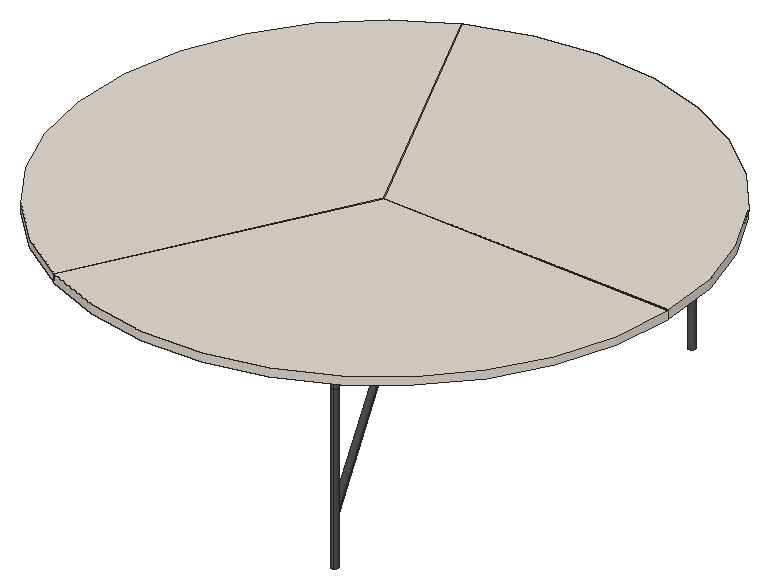
Revit family "Circular_Tables_BIM", category Arredi, Revit 2023
Family settings
  Numero OmniClass = 23.40.20.00
  Titolo OmniClass = General Furniture and Specialties
  Basato su piano di lavoro = No
  Attiva taglio nelle viste = No
  Sempre verticale = Sì
  Taglio con vuoti quando caricato = No
  Origine composizione di rendering = Geometria famiglia
  Condiviso = No
  Punto di calcolo locali = No
Parameters (values of type "CB-38")
  r = 1100 mm
  URL = "https://bassamfellows.com/"
  TECHNICAL SHEET = "https://bassamfellows.com/collections/circular-coffee-table"
  STRUCTURE MATERIAL = BASSAM_FELLOWS_MATT_BLACK_BP
  PRODUCT SHEET = "https://www.archiproducts.com/en/products/bassamfellows/round-stainless-steel-and-wood-table-circular-dining-table_447739"
  PRODUCT CODE = "CB-38"
  Modello = "Circular Dining Table"  # constant formula
  Produttore = "BassamFellows"
  MATERIAL DESCRIPTION = "Solid wood top. Solid stainless steel base."  # constant formula
  HEIGHT = 720 mm  # constant formula
  Descrizione = "Round stainless steel and wood table"  # constant formula
  Prospetto di default = 0 mm
  DIAMETER = r * 2  # 2200 mm
  COLLECTION = "CIRCULAR"  # constant formula
  CB 38 LEG VISIBILTY = not(CB 35 LEG VISIBILITY)  # yes
  CB 35 LEG VISIBILITY = no
  BIM USER MANUAL = "https://bimcad.edilportale.com/BASSAMFELLOWS-BIM-USER-MANUAL-BassamFellows-bim.pdf"
  BIM BADGE = "https://bim.archiproducts.com/it/badge/bim-archiproducts-featured_658700/about"
  BIM AUTHOR = "https://bim.archiproducts.com/"
  BASE MATERIAL = BASSAM_FELLOWS_WHITE_ASH_A-BL
  AVAILABLE FINISHES = "Ebonized black lacquer on Ash (EB) or bleached, white pigment, matte acrylic on Ash (BL). Raw effect lacquer on Oak (RE). Hand rubbed natural oil on Oak or Walnut (NA), or hand rubbed black oil on Walnut (BO). Black powder coat finish (BP), or satin nickel (SN), satin brass (SB), bronze (BZ) or gunmetal (GM) nanoceramic coated solid stainless steel."  # constant formula
  ACCESSORIES = ""
Types (2, lengths in mm): name | r | PRODUCT CODE | DIAMETER | CB 38 LEG VISIBILTY | CB 35 LEG VISIBILITY
  CB-35 | 675 | "CB-35" | 1350 | no | yes
  CB-38 | 1100 | "CB-38" | 2200 | yes | no
Reference planes
  plane 1 "Center (Front/Back)": y = 0
  plane 2: z = 0
  plane 3 "Center (Left/Right)": x = 0
  plane 4: z = 0
Forms (mm)
  Extrusion 1, solid, material "BASSAM_FELLOWS_WHITE_ASH_A-BL" <- "BASE MATERIAL", visible <- "CB 38 LEG VISIBILTY", detail levels fine
    sketch origin (0.625, 0.799, 370) x (1, 0, 0) y (0, 1, 0)
      loop
        arc (-490.109, 984.781) -> (-1099.999, 1.199) -> (-492.254, -983.71) r 1100
        line (-492.254, -983.71) -> (-3.411, -0.641) -> (-490.109, 984.781)
      loop
        line (0.699, -3.018) -> (-488.342, -985.658)
        arc (-488.342, -985.658) -> (578.046, -935.875) -> (1099.99, -4.62) r 1100
        line (1099.99, -4.62) -> (0.699, -3.018)
      loop
        line (0.615, 1.897) -> (1100, 0.295)
        arc (1100, 0.295) -> (580.915, 934.097) -> (-486.167, 986.733) r 1100
        line (-486.167, 986.733) -> (0.615, 1.897)
    from 320 to 350
  Extrusion 2, solid, material "BASSAM_FELLOWS_WHITE_ASH_A-BL" <- "BASE MATERIAL", visible <- "CB 35 LEG VISIBILITY", detail levels fine
    sketch origin (0.625, 0.799, 370) x (1, 0, 0) y (0, 1, 0)
      loop
        line (-3.411, -0.641) -> (-301.76, 603.43)
        arc (-301.76, 603.43) -> (-675.903, 0.173) -> (-303.526, -604.175) r 675
        line (-303.526, -604.175) -> (-3.411, -0.641)
      loop
        line (0.699, -3.018) -> (-299.485, -606.185)
        arc (-299.485, -606.185) -> (354.171, -574.875) -> (674.089, -3.999) r 675
        line (674.089, -3.999) -> (0.699, -3.018)
      loop
        line (0.615, 1.897) -> (674.094, 0.916)
        arc (674.094, 0.916) -> (355.635, 572.34) -> (-297.7, 605.435) r 675
        line (-297.7, 605.435) -> (0.615, 1.897)
    from 320 to 350
  Extrusion 3, solid, visible <- "CB 38 LEG VISIBILTY", detail levels medium
    sketch origin (0, 0, 0) x (1, 0, 0) y (0, 1, 0)
      loop
        circle (0, 0.117) r 1100
    from 692.15 to 720
  Extrusion 4, solid, visible <- "CB 35 LEG VISIBILITY", detail levels medium
    sketch origin (0, 0, 0) x (1, 0, 0) y (0, 1, 0)
      loop
        circle (0, 0.117) r 675
    from 690 to 720
Lines and regions (mm)
  symbolic lines, detail levels coarse
    curve 1: line (1050.624, 0, 690) -> (-1049.375, 0, 690)
    curve 2: line (1050.624, 0, 720) -> (1050.624, 0, 690)
    curve 3: line (-1049.375, 0, 720) -> (1050.624, 0, 720)
    curve 4: line (-1049.375, 0, 690) -> (-1049.375, 0, 720)
    curve 5: line (0, -1049.201, 720) -> (0, 1050.799, 720)
    curve 6: line (0, -1049.201, 692.15) -> (0, -1049.201, 720)
    curve 7: line (0, 1050.799, 692.15) -> (0, -1049.201, 692.15)
    curve 8: line (0, 1050.799, 720) -> (0, 1050.799, 692.15)
  symbolic lines, visible <- "CB 35 LEG VISIBILITY", detail levels coarse
    curve 9: circle (0, 0.117, 0) r 675 normal (0, 0, 1)
  symbolic lines, visible <- "CB 38 LEG VISIBILTY", detail levels coarse
    curve 10: circle (0, 0.117, 0) r 1100 normal (0, 0, 1)
Dimensions and locks
  aligned and locked: level to plane 2
Nested families
  nested 1: "CB-35 LEG" at (0, 0, -2.15), visible <- "CB 35 LEG VISIBILITY", type "CB-35 LEG"
  nested 2: "CB-38 LEG" at (0, 0, 0), visible <- "CB 38 LEG VISIBILTY", type "CB-38 LEG"
Definition of nested family "CB-35 LEG"
  Parameters (values of type "CB-35 LEG")
    structure = none
    Default Elevation = 0 mm
  Reference planes
    plane 1 "Centro (Fronte/Retro)": y = 0
    plane 2: z = 0
    plane 3 "Centro (Sinistra/Destra)": x = 0
  Forms (mm)
    Sweep 1, solid, material <- "structure", detail levels fine
      path origin (0, 0, 0) x (1, 0, 0) y (0, 0, 1)
        loop
          line (-621.83, 0) -> (-621.83, 621.706)
          arc (-621.83, 621.706) -> (-612.344, 644.607) -> (-589.442, 654.093) r 32.387
          line (-589.442, 654.093) -> (0, 654.093)
      profile origin (-621.83, 0, 310.853) x (-1, 0, 0) y (0, -1, 0)
        loop
          circle (0, -0.469) r 12.5
    Sweep 2, solid, material <- "structure", detail levels fine
      path origin (-0.406, 0.703, 0) x (-0.5, -0.866025, 0) y (0, 0, 1)
        loop
          line (-621.83, 0) -> (-621.83, 621.706)
          arc (-621.83, 621.706) -> (-612.344, 644.607) -> (-589.442, 654.093) r 32.387
          line (-589.442, 654.093) -> (0.558, 654.093)
      profile origin (310.509, 539.223, 310.853) x (0.5, 0.866025, 0) y (-0.866025, 0.5, 0)
        loop
          circle (0, -0.469) r 12.5
    Sweep 3, solid, material <- "structure", detail levels fine
      path origin (0.812, 0, 0) x (-0.5, 0.866025, 0) y (0, 0, 1)
        loop
          line (-621.83, 0) -> (-621.83, 621.706)
          arc (-621.83, 621.706) -> (-612.344, 644.607) -> (-589.442, 654.093) r 32.387
          line (-589.442, 654.093) -> (1.25, 654.093)
      profile origin (311.727, -538.52, 310.853) x (0.5, -0.866025, 0) y (0.866025, 0.5, 0)
        loop
          circle (0, -0.469) r 12.5
    Extrusion 4, solid, material <- "structure", detail levels fine
      sketch origin (0, 0.469, 0) x (0, 1, 0) y (0, 0, 1)
        loop
          circle (0, 184.842) r 11.5
      from -622.167 to 0.721
    Extrusion 5, solid, material <- "structure", detail levels fine
      sketch origin (-0.532, -0.234, 0) x (0.866025, -0.5, 0) y (0, 0, 1)
        loop
          circle (0, 184.842) r 11.5
      from -622.167 to 0.006
    Extrusion 6, solid, material <- "structure", detail levels fine
      sketch origin (0.063, 0.578, 0) x (-0.866025, -0.5, 0) y (0, 0, 1)
        loop
          circle (0, 184.842) r 11.5
      from -622.167 to -0.875
    Extrusion 7, solid, material <- "structure", detail levels fine
      sketch origin (0, 0, 0) x (1, 0, 0) y (0, 1, 0)
        loop
          circle (-525.155, 0.469) r 11.5
        loop
          circle (263.148, 455.789) r 11.5
        loop
          circle (263.199, -454.445) r 11.5
      from 653.786 to 692.15
    Extrusion 8, solid, detail levels medium
      sketch origin (0, 0, 0) x (1, 0, 0) y (0, 1, 0)
        loop
          arc (-634.33, 0.469) -> (-630.669, -8.37) -> (-621.83, -12.031) r 12.5
          line (-621.83, -12.031) -> (-7.217, -12.031) -> (300.495, -545.005)
          arc (300.495, -545.005) -> (308.086, -550.829) -> (317.571, -549.58) r 12.5
          arc (317.571, -549.58) -> (323.395, -541.99) -> (322.146, -532.505) r 12.5
          line (322.146, -532.505) -> (14.434, 0.469) -> (321.74, 532.739)
          arc (321.74, 532.739) -> (322.989, 542.224) -> (317.165, 549.814) r 12.5
          arc (317.165, 549.814) -> (307.68, 551.063) -> (300.09, 545.239) r 12.5
          line (300.09, 545.239) -> (-7.217, 12.969) -> (-621.83, 12.969)
          arc (-621.83, 12.969) -> (-630.669, 9.308) -> (-634.33, 0.469) r 12.5
      from 0 to 692.15
  Lines and regions (mm)
    symbolic lines, detail levels coarse
      curve 1: line (-634.33, 0, 0) -> (-609.33, 0, 0)
      curve 2: line (-609.33, 0, 0) -> (-609.33, 0, 173.342)
      curve 3: line (-609.33, 0, 196.342) -> (-609.33, 0, 621.499)
      curve 4: line (-634.33, 0, 0) -> (-634.33, 0, 616.499)
      curve 5: line (323.821, 0, 0) -> (298.821, 0, 0)
      curve 6: line (298.821, 0, 0) -> (298.821, 0, 173.342)
      curve 7: line (298.821, 0, 196.342) -> (298.821, 0, 624.48)
      curve 8: line (323.821, 0, 0) -> (323.821, 0, 626.5)
      curve 9: line (251.699, 0, 692.15) -> (274.699, 0, 692.15)
      curve 10: line (274.699, 0, 692.15) -> (274.699, 0, 666.5)
      curve 11: line (251.699, 0, 692.15) -> (251.699, 0, 666.499)
      curve 12: line (-513.655, 0, 692.15) -> (-513.655, 0, 666.499)
      curve 13: line (-536.655, 0, 692.15) -> (-536.655, 0, 666.499)
      curve 14: line (-536.655, 0, 666.499) -> (-584.33, 0, 666.499)
      curve 16: line (274.699, 0, 666.5) -> (283.821, 0, 666.5)
      curve 17: line (-609.33, 0, 196.342) -> (298.821, 0, 196.342)
      curve 18: line (-609.33, 0, 173.342) -> (298.821, 0, 173.342)
      curve 19: line (-589.33, 0, 641.499) -> (281.803, 0, 641.499)
      curve 20: arc (-609.33, 0, 621.499) -> (-603.472, 0, 635.641) -> (-589.33, 0, 641.499) r 20
      curve 21: arc (-634.33, 0, 616.499) -> (-619.685, 0, 651.854) -> (-584.33, 0, 666.499) r 50
      curve 22: arc (281.803, 0, 641.499) -> (293.836, 0, 636.514) -> (298.821, 0, 624.48) r 17.018
      curve 23: arc (283.821, 0, 666.5) -> (312.105, 0, 654.784) -> (323.821, 0, 626.5) r 40
      curve 24: line (-536.655, 0, 692.15) -> (-513.655, 0, 692.15)
      curve 25: line (0, -551.255, 0) -> (0, -526.255, 0)
      curve 26: line (0, -526.255, 0) -> (0, -526.255, 173.436)
      curve 27: line (0, -551.255, 0) -> (0, -551.255, 622.781)
      curve 28: line (0, -526.255, 196.266) -> (0, -526.255, 621.564)
      curve 29: line (0, -465.945, 692.15) -> (0, -442.945, 692.15)
      curve 30: line (0, -11.031, 692.15) -> (0, 11.969, 692.15)
      curve 31: line (0, 444.289, 692.15) -> (0, 467.289, 692.15)
      curve 32: line (0, 467.289, 692.15) -> (0, 467.289, 666.61)
      curve 33: line (0, 444.289, 692.15) -> (0, 444.289, 666.61)
      curve 34: line (0, -12.031, 0) -> (0, 12.969, 0)
      curve 35: line (0, -12.031, 0) -> (0, -12.031, 173.436)
      curve 36: line (0, 12.969, 0) -> (0, 12.969, 173.436)
      curve 37: line (0, 12.969, 173.436) -> (0, 526.255, 173.436)
      curve 38: line (0, 12.969, 173.436) -> (0, -526.255, 173.436)
      curve 39: line (0, 12.969, 196.266) -> (0, 12.969, 641.564)
      curve 40: line (0, -12.031, 196.266) -> (0, -12.031, 641.564)
      curve 41: line (0, -12.031, 641.564) -> (0, -506.255, 641.564)
      curve 42: line (0, 12.969, 641.564) -> (0, 506.255, 641.564)
      curve 43: line (0, 507.425, 666.61) -> (0, 467.289, 666.61)
      curve 44: line (0, 11.969, 692.15) -> (0, 11.969, 666.61)
      curve 45: line (0, -11.031, 692.15) -> (0, -11.031, 666.61)
      curve 46: line (0, 526.255, 196.266) -> (0, -526.255, 196.266)
      curve 47: arc (0, -526.255, 621.564) -> (0, -520.397, 635.706) -> (0, -506.255, 641.564) r 20
      curve 48: line (0, -11.031, 666.61) -> (0, -442.945, 666.61)
      curve 49: line (0, -465.945, 666.61) -> (0, -507.425, 666.61)
      curve 50: arc (0, -551.255, 622.781) -> (0, -538.417, 653.773) -> (0, -507.425, 666.61) r 43.829
      curve 51: line (0, 551.255, 0) -> (0, 526.255, 0)
      curve 52: line (0, 526.255, 0) -> (0, 526.255, 173.436)
      curve 53: line (0, 551.255, 0) -> (0, 551.255, 622.781)
      curve 54: line (0, 526.255, 196.266) -> (0, 526.255, 621.564)
      curve 55: arc (0, 526.255, 621.564) -> (0, 520.397, 635.706) -> (0, 506.255, 641.564) r 20
      curve 56: arc (0, 551.255, 622.781) -> (0, 538.417, 653.773) -> (0, 507.425, 666.61) r 43.829
      curve 57: line (0, 444.289, 666.61) -> (0, 11.969, 666.61)
      curve 58: line (0, -442.945, 692.15) -> (0, -442.945, 666.61)
      curve 59: line (0, -465.945, 692.15) -> (0, -465.945, 666.61)
    symbolic lines
      curve 15: line (-513.655, 0, 666.499) -> (251.699, 0, 666.499)
  Dimensions and locks
    aligned and locked: level to plane 2
Definition of nested family "CB-38 LEG"
  Parameters (values of type "CB-38 LEG")
    structure = none
    Default Elevation = 0 mm
    CB 38 VISIBILITY = yes
    CB 35 VISIBILITY = yes
  Reference planes
    plane 1 "Centro (Fronte/Retro)": y = 0
    plane 2: z = 0
    plane 3 "Centro (Sinistra/Destra)": x = 0
  Forms (mm)
    Sweep 1, solid, material <- "structure", visible <- "CB 38 VISIBILITY", detail levels fine
      path origin (0, 0, 0) x (1, 0, 0) y (0, 0, 1)
        loop
          line (-996.83, 0) -> (-996.83, 621.706)
          arc (-996.83, 621.706) -> (-987.344, 644.607) -> (-964.442, 654.093) r 32.387
          line (-964.442, 654.093) -> (0, 654.093)
      profile origin (-996.83, 0, 310.853) x (-1, 0, 0) y (0, -1, 0)
        loop
          circle (0, -0.469) r 12.5
    Sweep 2, solid, material <- "structure", visible <- "CB 38 VISIBILITY", detail levels fine
      path origin (-0.406, 0.703, 0) x (-0.5, -0.866025, 0) y (0, 0, 1)
        loop
          line (-996.83, 0) -> (-996.83, 621.706)
          arc (-996.83, 621.706) -> (-987.344, 644.607) -> (-964.442, 654.093) r 32.387
          line (-964.442, 654.093) -> (0.558, 654.093)
      profile origin (498.009, 863.983, 310.853) x (0.5, 0.866025, 0) y (-0.866025, 0.5, 0)
        loop
          circle (0, -0.469) r 12.5
    Sweep 3, solid, material <- "structure", visible <- "CB 38 VISIBILITY", detail levels fine
      path origin (0.812, 0, 0) x (-0.5, 0.866025, 0) y (0, 0, 1)
        loop
          line (-996.83, 0) -> (-996.83, 621.706)
          arc (-996.83, 621.706) -> (-987.344, 644.607) -> (-964.442, 654.093) r 32.387
          line (-964.442, 654.093) -> (1.25, 654.093)
      profile origin (499.227, -863.28, 310.853) x (0.5, -0.866025, 0) y (0.866025, 0.5, 0)
        loop
          circle (0, -0.469) r 12.5
    Extrusion 4, solid, material <- "structure", visible <- "CB 38 VISIBILITY", detail levels fine
      sketch origin (0, 0.469, 0) x (0, 1, 0) y (0, 0, 1)
        loop
          circle (0, 184.842) r 11.5
      from -993.666 to 0.721
    Extrusion 5, solid, material <- "structure", visible <- "CB 38 VISIBILITY", detail levels fine
      sketch origin (-0.532, -0.234, 0) x (0.866025, -0.5, 0) y (0, 0, 1)
        loop
          circle (0, 184.842) r 11.5
      from -996.97 to 0.006
    Extrusion 6, solid, material <- "structure", visible <- "CB 38 VISIBILITY", detail levels fine
      sketch origin (0.063, 0.578, 0) x (-0.866025, -0.5, 0) y (0, 0, 1)
        loop
          circle (0, 184.842) r 11.5
      from -995.376 to -0.875
    Extrusion 7, solid, material <- "structure", visible <- "CB 38 VISIBILITY", detail levels fine
      sketch origin (0, 0, 0) x (1, 0, 0) y (0, 1, 0)
        loop
          circle (-900.155, 0.469) r 11.5
        loop
          circle (450.648, 780.548) r 11.5
        loop
          circle (450.699, -779.204) r 11.5
      from 653.786 to 692.15
    Extrusion 8, solid, detail levels medium
      sketch origin (0, 0, 0) x (1, 0, 0) y (0, 1, 0)
        loop
          arc (-1009.33, 0.469) -> (-1005.669, -8.37) -> (-996.83, -12.031) r 12.5
          line (-996.83, -12.031) -> (-7.217, -12.031) -> (487.995, -869.764)
          arc (487.995, -869.764) -> (495.586, -875.588) -> (505.071, -874.34) r 12.5
          arc (505.071, -874.34) -> (510.895, -866.749) -> (509.646, -857.264) r 12.5
          line (509.646, -857.264) -> (14.434, 0.469) -> (509.24, 857.499)
          arc (509.24, 857.499) -> (510.489, 866.984) -> (504.665, 874.574) r 12.5
          arc (504.665, 874.574) -> (495.18, 875.823) -> (487.59, 869.999) r 12.5
          line (487.59, 869.999) -> (-7.217, 12.969) -> (-996.83, 12.969)
          arc (-996.83, 12.969) -> (-1005.669, 9.308) -> (-1009.33, 0.469) r 12.5
      from 0 to 692.15
  Lines and regions (mm)
    symbolic lines, detail levels coarse
      curve 1: line (-1009.33, 0, 0) -> (-984.33, 0, 0)
      curve 2: line (-984.33, 0, 0) -> (-984.33, 0, 173.342)
      curve 3: line (-984.33, 0, 196.342) -> (-984.33, 0, 621.499)
      curve 4: line (-1009.33, 0, 0) -> (-1009.33, 0, 616.499)
      curve 5: line (698.821, 0, 0) -> (673.821, 0, 0)
      curve 6: line (673.821, 0, 0) -> (673.821, 0, 173.342)
      curve 7: line (673.821, 0, 196.342) -> (673.821, 0, 624.48)
      curve 8: line (698.821, 0, 0) -> (698.821, 0, 626.5)
      curve 9: line (251.699, 0, 692.15) -> (274.699, 0, 692.15)
      curve 10: line (274.699, 0, 692.15) -> (274.699, 0, 666.5)
      curve 11: line (251.699, 0, 692.15) -> (251.699, 0, 666.499)
      curve 12: line (-513.655, 0, 692.15) -> (-513.655, 0, 666.499)
      curve 13: line (-536.655, 0, 692.15) -> (-536.655, 0, 666.499)
      curve 14: line (-536.655, 0, 666.499) -> (-959.33, 0, 666.499)
      curve 16: line (274.699, 0, 666.5) -> (658.821, 0, 666.5)
      curve 17: line (-984.33, 0, 196.342) -> (673.821, 0, 196.342)
      curve 18: line (-984.33, 0, 173.342) -> (673.821, 0, 173.342)
      curve 19: line (-964.33, 0, 641.499) -> (656.803, 0, 641.499)
      curve 20: arc (-984.33, 0, 621.499) -> (-978.472, 0, 635.641) -> (-964.33, 0, 641.499) r 20
      curve 21: arc (-1009.33, 0, 616.499) -> (-994.685, 0, 651.854) -> (-959.33, 0, 666.499) r 50
      curve 22: arc (656.803, 0, 641.499) -> (668.836, 0, 636.514) -> (673.821, 0, 624.48) r 17.018
      curve 23: arc (658.821, 0, 666.5) -> (687.105, 0, 654.784) -> (698.821, 0, 626.5) r 40
      curve 24: line (-536.655, 0, 692.15) -> (-513.655, 0, 692.15)
      curve 25: line (0, -926.255, 0) -> (0, -901.255, 0)
      curve 26: line (0, -901.255, 0) -> (0, -901.255, 173.436)
      curve 27: line (0, -926.255, 0) -> (0, -926.255, 622.781)
      curve 28: line (0, -901.255, 196.266) -> (0, -901.255, 621.564)
      curve 29: line (0, -465.945, 692.15) -> (0, -442.945, 692.15)
      curve 30: line (0, -11.031, 692.15) -> (0, 11.969, 692.15)
      curve 31: line (0, 444.289, 692.15) -> (0, 467.289, 692.15)
      curve 32: line (0, 467.289, 692.15) -> (0, 467.289, 666.61)
      curve 33: line (0, 444.289, 692.15) -> (0, 444.289, 666.61)
      curve 34: line (0, -12.031, 0) -> (0, 12.969, 0)
      curve 35: line (0, -12.031, 0) -> (0, -12.031, 173.436)
      curve 36: line (0, 12.969, 0) -> (0, 12.969, 173.436)
      curve 37: line (0, 12.969, 173.436) -> (0, 901.255, 173.436)
      curve 38: line (0, 12.969, 173.436) -> (0, -901.255, 173.436)
      curve 39: line (0, 12.969, 196.266) -> (0, 12.969, 641.564)
      curve 40: line (0, -12.031, 196.266) -> (0, -12.031, 641.564)
      curve 41: line (0, -12.031, 641.564) -> (0, -881.255, 641.564)
      curve 42: line (0, 12.969, 641.564) -> (0, 881.255, 641.564)
      curve 43: line (0, 882.425, 666.61) -> (0, 467.289, 666.61)
      curve 44: line (0, 11.969, 692.15) -> (0, 11.969, 666.61)
      curve 45: line (0, -11.031, 692.15) -> (0, -11.031, 666.61)
      curve 46: line (0, 901.255, 196.266) -> (0, -901.255, 196.266)
      curve 47: arc (0, -901.255, 621.564) -> (0, -895.397, 635.706) -> (0, -881.255, 641.564) r 20
      curve 48: line (0, -11.031, 666.61) -> (0, -442.945, 666.61)
      curve 49: line (0, -465.945, 666.61) -> (0, -882.425, 666.61)
      curve 50: arc (0, -926.255, 622.781) -> (0, -913.417, 653.773) -> (0, -882.425, 666.61) r 43.829
      curve 51: line (0, 926.255, 0) -> (0, 901.255, 0)
      curve 52: line (0, 901.255, 0) -> (0, 901.255, 173.436)
      curve 53: line (0, 926.255, 0) -> (0, 926.255, 622.781)
      curve 54: line (0, 901.255, 196.266) -> (0, 901.255, 621.564)
      curve 55: arc (0, 901.255, 621.564) -> (0, 895.397, 635.706) -> (0, 881.255, 641.564) r 20
      curve 56: arc (0, 926.255, 622.781) -> (0, 913.417, 653.773) -> (0, 882.425, 666.61) r 43.829
      curve 57: line (0, 444.289, 666.61) -> (0, 11.969, 666.61)
      curve 58: line (0, -442.945, 692.15) -> (0, -442.945, 666.61)
      curve 59: line (0, -465.945, 692.15) -> (0, -465.945, 666.61)
    symbolic lines
      curve 15: line (-513.655, 0, 666.499) -> (251.699, 0, 666.499)
  Dimensions and locks
    aligned and locked: level to plane 2
